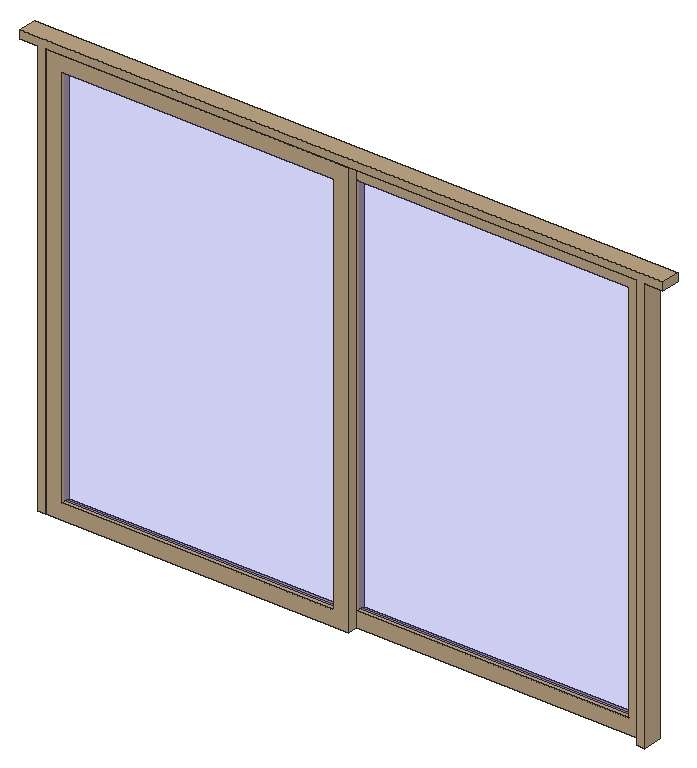
Revit family "DSP_A3-Kal-Aluminium-Sliding-Single-3000w", category Doors, host Wall, Revit 2016
Family settings
  Host = Wall
  Always vertical = Yes
  Cut with Voids When Loaded = No
  Shared = No
  Room Calculation Point = No
Parameters (values of type "3000w X 2100h")
  URL = "http://www.kal.co.za"
  Thickness = 0 mm
  Rough Width = 0 mm
  Rough Height = 0 mm
  Model Type = "Single Sliding"
  Model = "Arcadia Patio Doors"
  Material Glass = Glass
  Material Door Frame = Default Aluminium Door Frame
  Manufacturer Code = "3000 FS"
  Manufacturer = "Kal-Aluminium"
  Height = 2100 mm
  Wall Closure = By host
  Width = 3000 mm
  Function = Interior
  Frame Finish = "Anodised Aluminium"
  Construction Type = "Aluminium"
  Assembly Code = "B2030110"
Reference planes
  plane 1 "Center Line": y = 0
  plane 2 "Center (Left/Right)": x = 75.5
  plane 3 "Left": x = -1424.5
  plane 4 "Right": x = 1575.5
  plane 5: z = 2100
  plane 6 "Exterior": y = 110
  plane 7 "Interior": y = -110
  plane 8: x = 1665.5
  plane 9: x = -1514.5
  plane 10: z = 75
  plane 11 "Exterior Panel": y = 46
  plane 12 "Interior Panel": y = -46
  plane 13: x = 38
  plane 14: x = 113
Forms (mm)
  Sweep 1, solid, material "Default Aluminium Door Frame" <- "Material Door Frame", detail levels medium+fine
    path origin (0, 0, 0) x (1, 0, 0) y (0, 0, 1)
      loop
        line (1665.5, 2100) -> (-1514.5, 2100)
    profile "Frame Sliding door profile upvc : Frame Sliding door profile upvc" origin (75.5, 0, 2100) x (0, 0, -1) y (0, -1, 0)
      loop
        line (0, -46) -> (40, -46) -> (40, 46) -> (0, 46) -> (0, -46)
  Sweep 2, solid, material "Default Aluminium Door Frame" <- "Material Door Frame", detail levels medium+fine
    path origin (0, 0, 0) x (1, 0, 0) y (0, 0, 1)
      loop
        line (1575.5, 0) -> (1575.5, 2100)
    profile "Frame Sliding door profile upvc : Frame Sliding door profile upvc" origin (1575.5, 0, 1050) x (-1, 0, 0) y (0, -1, 0)
      loop
        line (0, -46) -> (40, -46) -> (40, 46) -> (0, 46) -> (0, -46)
  Sweep 3, solid, material "Default Aluminium Door Frame" <- "Material Door Frame", detail levels medium+fine
    path origin (0, 0, 0) x (1, 0, 0) y (0, 0, 1)
      loop
        line (-1424.5, 0) -> (-1424.5, 2100)
    profile "Frame Sliding door profile upvc : Frame Sliding door profile upvc" origin (-1424.5, 0, 1050) x (-1, 0, 0) y (0, -1, 0)
      loop
        line (0, -46) -> (0, 46) -> (-40, 46) -> (-40, -46) -> (0, -46)
  Extrusion 4, solid, material "Default Aluminium Door Frame" <- "Material Door Frame", detail levels medium+fine
    sketch origin (0, 46, 0) x (1, 0, 0) y (0, 0, 1)
      loop
        line (1535.5, 0) -> (1535.5, 2060) -> (38, 2060) -> (38, 0) -> (1535.5, 0)
      loop
        line (1460.5, 75) -> (1460.5, 1985) -> (113, 1985) -> (113, 75) -> (1460.5, 75)
    from 0 to 44
  Extrusion 5, solid, material "Default Aluminium Door Frame" <- "Material Door Frame", detail levels medium+fine
    sketch origin (0, -46, 0) x (1, 0, 0) y (0, 0, 1)
      loop
        line (113, 0) -> (113, 2060) -> (-1384.5, 2060) -> (-1384.5, 0) -> (113, 0)
      loop
        line (38, 75) -> (38, 1985) -> (-1309.5, 1985) -> (-1309.5, 75) -> (38, 75)
    from 0 to -44
  Extrusion 6, solid, material "Glass" <- "Material Glass", detail levels medium+fine
    sketch origin (0, 46, 0) x (1, 0, 0) y (0, 0, 1)
      loop
        line (1460.5, 75) -> (1460.5, 1985) -> (113, 1985) -> (113, 75) -> (1460.5, 75)
    from 18 to 28
  Extrusion 7, solid, material "Glass" <- "Material Glass", detail levels medium+fine
    sketch origin (0, -46, 0) x (1, 0, 0) y (0, 0, 1)
      loop
        line (38, 75) -> (38, 1985) -> (-1309.5, 1985) -> (-1309.5, 75) -> (38, 75)
    from -18 to -28
Cuts and joins
  joined: Sweep 1, Sweep 2, Sweep 3
Lines and regions (mm)
  Opening 1
    outline origin (-3050, -110, 0) x (1, 0, 0) y (0, 0, 1)
      loop
        line (1625.5, 0) -> (4625.5, 0) -> (4625.5, 2100) -> (1625.5, 2100) -> (1625.5, 0)
  symbolic lines, style "DoorsPanelProjection", detail levels coarse
    curve 1: line (75.5, -23, 0) -> (-1424.5, -23, 0)
    curve 2: line (1575.5, 23, 0) -> (75.5, 23, 0)
  symbolic lines, style "Overhead", detail levels medium+fine
    curve 3: line (-1424.5, 110, 0) -> (1575.5, 110, 0)
    curve 4: line (-1424.5, -110, 0) -> (1575.5, -110, 0)
Text (mm)
  text "Exterior" at (-2295.016, 1099.543, 0), in view "Ref. Level"
  text "Exterior" at (0, 1615.38, 3698.081), in view "Left"
  text "Exterior" at (0, 1036.032, 3874.932), in view "Right"
Dimensions and locks
  equal spacing: plane 3 "Left", plane 2 "Center (Left/Right)", plane 4 "Right"
  "Width": plane 3 "Left" to plane 4 "Right"
  "Height": plane 5 to host wall
  host wall to plane 5 = 2100 mm
  locked: host wall to plane 6 "Exterior" at 0
  locked: plane 7 "Interior" to host wall
  locked: plane 4 "Right" to plane 8 at 90
  locked: plane 9 to plane 3 "Left" at 90
  locked: plane 1 "Center Line" to plane 11 "Exterior Panel" at 46
  locked: plane 12 "Interior Panel" to plane 1 "Center Line" at 46
  locked: plane 13 to plane 2 "Center (Left/Right)" at 37.5
  locked: plane 2 "Center (Left/Right)" to plane 14 at 37.5
  level to plane 10 = 75 mm
  aligned and locked: plane 3 "Left" to Opening 1 sketch curve
  aligned and locked: plane 5 to Opening 1 sketch curve  (x2)
  aligned and locked: Opening 1 sketch curve to plane 4 "Right"
  aligned and locked: Opening 1 sketch curve to level
  aligned and locked: plane 1 "Center Line" to host wall
  aligned and locked: plane 10 to Extrusion 4 sketch curve
  aligned and locked: plane 14 to Extrusion 4 sketch curve
  aligned and locked: plane 10 to Extrusion 5 sketch curve
  aligned and locked: Extrusion 7 sketch curve to Extrusion 5  (x3)
  aligned and locked: Extrusion 6 sketch curve to Extrusion 4  (x3)
  aligned and locked: Extrusion 4 sketch curve to cut or joined group of Sweep 1, Sweep 2, Sweep 3
  aligned and locked: cut or joined group of Sweep 1, Sweep 2, Sweep 3 to Extrusion 5 sketch curve
Automatic sketch dimensions
  Sweep 1 sketch curve to plane 5 = 0 mm
  Sweep 1 sketch curve to plane 9 = 0 mm
  Sweep 1 sketch curve to plane 8 = 0 mm
  Sweep 2 sketch curve to plane 4 "Right" = 0 mm
  Sweep 2 sketch curve to level = 0 mm
  Sweep 2 sketch curve to plane 5 = 0 mm
  Sweep 3 sketch curve to plane 3 "Left" = 0 mm
  Sweep 3 sketch curve to level = 0 mm
  Sweep 3 sketch curve to plane 5 = 0 mm
  Extrusion 4 sketch curve to level = 0 mm
  Extrusion 4 sketch curve to plane 13 = 0 mm
  Extrusion 5 sketch curve to level = 0 mm
  Extrusion 5 sketch curve to plane 13 = 0 mm
  Extrusion 5 sketch curve to plane 14 = 0 mm
  Extrusion 6 sketch curve to plane 14 = 0 mm
  Extrusion 7 sketch curve to plane 13 = 0 mm
  plane 5 to Extrusion 4 sketch curve = 115 mm
  plane 5 to Extrusion 5 sketch curve = 115 mm
  plane 4 "Right" to Extrusion 4 sketch curve = 115 mm
  plane 4 "Right" to Extrusion 4 sketch curve = 40 mm
  Extrusion 5 sketch curve to plane 3 "Left" = 115 mm
  Extrusion 5 sketch curve to plane 3 "Left" = 40 mm
  curve 1 to plane 3 "Left" = 0 mm
  curve 4 to host wall = 0 mm
  curve 4 to plane 3 "Left" = 0 mm
  curve 3 to host wall = 0 mm
  curve 3 to plane 3 "Left" = 0 mm
  curve 2 to plane 2 "Center (Left/Right)" = 0 mm
  curve 1 to plane 2 "Center (Left/Right)" = 0 mm
  curve 3 to plane 4 "Right" = 0 mm
  curve 4 to plane 4 "Right" = 0 mm
  curve 2 to plane 4 "Right" = 0 mm
  host wall to curve 1 = 23 mm
  curve 2 to host wall = 23 mm
Nested families
  nested 1: "arrow" at (-372, 0, 1160) x (1, 0, 0) z (0, 1, 0), type "arrow"
  nested 2: "arrow" at (-384.5, 160, 0), type "arrow", detail levels medium+fine
Definition of nested family "arrow"
  Reference planes
    plane 1 "Center (Front/Back)": y = 0
    plane 2: z = 0
    plane 3 "Center (Left/Right)": x = 0
  Lines and regions (mm)
    detail lines, in view "Ref. Level"
      curve 1: line (-100, 0, 0) -> (100, 0, 0)
      curve 2: line (100, 0, 0) -> (57.574, -42.426, 0)
      curve 3: line (100, 0, 0) -> (57.574, 42.426, 0)
